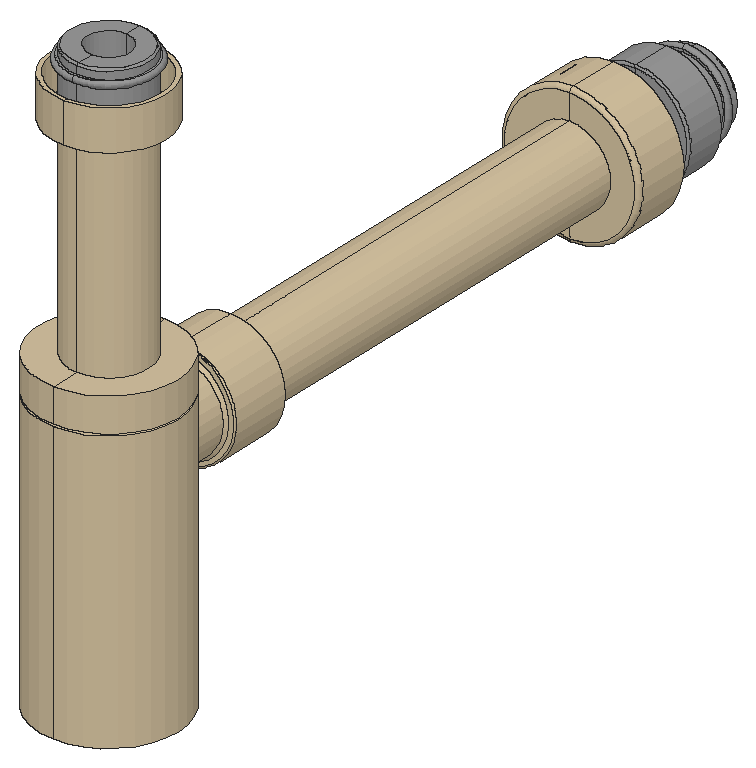
Revit family "Reece_Waste_Mizu_Drift_Bottle Trap", category Plumbing Fixtures, Revit 2018
Family settings
  Round Connector Dimension = Use Diameter
  Part Type = Normal
  Work Plane-Based = Yes
  Always vertical = Yes
  Cut with Voids When Loaded = Yes
  Shared = Yes
  Room Calculation Point = Yes
Parameters (values of type "40mm_Brushed Brass")
  URL = "https://www.reece.com.au/product/-9512368"
  Type Comments = "Waste"
  Reece_Waste_Outlet = 40 mm  # constant formula
  Reece_Range_Vertical [instance] = if(Reece_Offset_Vertical > 160 mm, 160 mm, if(Reece_Offset_Vertical < 80 mm, 80 mm, Reece_Offset_Vertical))  # 160 mm
  Reece_Range_Horizontal [instance] = if(Reece_Offset_Horizontal > 300 mm, 300 mm, if(Reece_Offset_Horizontal < 90 mm, 90 mm, Reece_Offset_Horizontal))  # 300 mm
  Reece_Product_Web Page = "https://www.reece.com.au/product/-9512368"
  Reece_Product_Type = "Waste"  # constant formula
  Reece_Product_Sub Brand = "Drift"  # constant formula
  Reece_Product_Number = "9512368"
  Reece_Product_Mount = "Wall Mounted"  # constant formula
  Reece_Product_Description = "Mizu Drift Bottle Trap 40mm Brushed Brass"
  Reece_Product_Brand = "Mizu"  # constant formula
  Reece_Overall_Width = 66 mm  # constant formula
  Reece_Overall_Length [instance] = 468.006 mm
  Reece_Overall_Height [instance] = 304 mm
  Reece_Offset_Vertical [instance] = 160 mm
  Reece_Offset_Horizontal [instance] = 300 mm
  Reece_Material_Secondary = Reece_Metal_Steel
  Reece_Material_Main = Reece_Brass_Brushed
  Reece_Detail_Shape = ""
  Reece_Detail_Installation = ""
  Reece_Detail_Disclaimer = "THIS FILE IS THE PROPERTY OF THE REECE GROUP. IT MAY NOT BE REPRODUCED, REVERSE-ENGINEERED, OR MODIFIED. ANY REPUBLICATION, TRANSMISSION, OR DISTRIBUTION FOR THE PURPOSE OF COMMERCIALLY EXPLOITING THE FILES IS PROHIBITED."  # constant formula
  Reece_Detail_Connector = ""
  Reece_Detail_Additional = "Bottle Trap"  # constant formula
  Model = "Drift"
  Manufacturer = "Mizu"
  Keynote = "Product #9512368, Reece_Waste_Mizu_Drift_Bottle Trap - 40mm_Brushed Brass"
  Disclaimer = "THIS FILE IS THE PROPERTY OF THE REECE GROUP. IT MAY NOT BE REPRODUCED, REVERSE-ENGINEERED, OR MODIFIED. ANY REPUBLICATION, TRANSMISSION, OR DISTRIBUTION FOR THE PURPOSE OF COMMERCIALLY EXPLOITING THE FILES IS PROHIBITED."  # constant formula
  Description = "Mizu Drift Bottle Trap 40mm Brushed Brass"
  Default Elevation = 0 mm
Types (10, lengths in mm): name | URL | Reece_Range_Vertical | Reece_Range_Horizontal | Reece_Product_Web Page | Reece_Product_Number | Reece_Product_Description | Reece_Offset_Vertical | Reece_Offset_Horizontal | Reece_Material_Main | Keynote | Description
  40mm_Brushed Nickel | "www.reece.com.au/product/-2263850" | 135 | 297 | "www.reece.com.au/product/-2263850" | "2263850" | "Mizu Drift Bottle Trap 40mm Brushed Nickel" | 135 | 297 | Reece_Brass_Brushed Nickel | "Product #2263850, Reece_Waste_Mizu_Drift_Bottle Trap - 40mm_Brushed Nickel" | "Mizu Drift Bottle Trap 40mm Brushed Nickel"
  40mm_Chrome | "www.reece.com.au/product/-2262546" | 160 | 300 | "www.reece.com.au/product/-2262546" | "2262546" | "Mizu Drift Bottle Trap 40mm Chrome" | 160 | 300 | Reece_Brass_Chrome | "Product #2262546, Reece_Waste_Mizu_Drift_Bottle Trap - 40mm_Chrome" | "Mizu Drift Bottle Trap 40mm Chrome"
  40mm_Gloss Black | "www.reece.com.au/product/-2280449" | 135 | 297 | "www.reece.com.au/product/-2280449" | "2280449" | "Mizu Drift Bottle Trap 40mm Gloss Black" | 135 | 297 | Reece_Brass_Gloss Black | "Product #2280449, Reece_Waste_Mizu_Drift_Bottle Trap - 40mm_Gloss Black" | "Mizu Drift Bottle Trap 40mm Gloss Black"
  40mm_Matte Black | "www.reece.com.au/product/-2280015" | 135 | 297 | "www.reece.com.au/product/-2280015" | "2280015" | "Mizu Drift Bottle Trap 40mm Matte Black" | 135 | 297 | Reece_Brass_Matte Black | "Product #2280015, Reece_Waste_Mizu_Drift_Bottle Trap - 40mm_Matte Black" | "Mizu Drift Bottle Trap 40mm Matte Black"
  40mm_Satin Chrome | "https://www.reece.com.au/product/-2262549" | 135 | 297 | "https://www.reece.com.au/product/-2262549" | "2262549" | "Mizu Drift Bottle Trap 40mm Satin Chrome" | 135 | 297 | Reece_Brass_Satin Chrome | "Product #2262549, Reece_Waste_Mizu_Drift_Bottle Trap - 40mm_Satin Chrome" | "Mizu Drift Bottle Trap 40mm Satin Chrome"
  40mm_White | "www.reece.com.au/product/-2262679" | 135 | 297 | "www.reece.com.au/product/-2262679" | "2262679" | "Mizu Drift Bottle Trap 40mm White" | 135 | 297 | Reece_Brass_White | "Product #2262679, Reece_Waste_Mizu_Drift_Bottle Trap - 40mm_White" | "Mizu Drift Bottle Trap 40mm White"
  40mm_Brushed Gold | "www.reece.com.au/product/-2263851" | 135 | 297 | "www.reece.com.au/product/-2263851" | "2263851" | "Mizu Drift Bottle Trap 40mm Brushed Gold" | 135 | 297 | Reece_Brass_Brushed Gold | "Product #2263851, Reece_Waste_Mizu_Drift_Bottle Trap - 40mm_Brushed Gold" | "Mizu Drift Bottle Trap 40mm Brushed Gold"
  40 mm_Gunmetal | "www.reece.com.au/product/-247004" | 135 | 297 | "www.reece.com.au/product/-247004" | "247004" | "Mizu Drift Bottle Trap 40mm Brushed Gunmetal" | 135 | 297 | Reece_Brass_Brushed Gunmetal | "Product #247004, Reece_Waste_Mizu_Drift_Bottle Trap - 40 mm_Gunmetal" | "Mizu Drift Bottle Trap 40mm Brushed Gunmetal"
  40mm_Brushed Brass | "https://www.reece.com.au/product/-9512368" | 160 | 300 | "https://www.reece.com.au/product/-9512368" | "9512368" | "Mizu Drift Bottle Trap 40mm Brushed Brass" | 160 | 300 | Reece_Brass_Brushed | "Product #9512368, Reece_Waste_Mizu_Drift_Bottle Trap - 40mm_Brushed Brass" | "Mizu Drift Bottle Trap 40mm Brushed Brass"
  40mm_Brushed Bronze | "www.reece.com.au/product/-201659" | 160 | 300 | "www.reece.com.au/product/-201659" | "201659" | "Mizu Drift Bottle Trap 40mm Brushed Bronze" | 160 | 300 | Reece_Brass_Brushed Bronze | "Product #201659, Reece_Waste_Mizu_Drift_Bottle Trap - 40mm_Brushed Bronze" | "Mizu Drift Bottle Trap 40mm Brushed Bronze"
Reference planes
  plane 1 "Center (Front/Back)": y = 0
  plane 2 "Top Host Plate": z = 0
  plane 3 "Center (Left/Right)": x = 0
  plane 4: x = -33
  plane 5: x = 33
  plane 6: y = -319
  plane 7: y = -281
  plane 8: y = 50
  plane 9: x = -33
  plane 10: x = 33
  plane 11: z = -269.202
  plane 12: z = -160
  plane 13: z = -119.202
  plane 14: z = -19
  plane 15: y = -227.843
  plane 16: y = -26
  plane 17: y = -300
Forms (mm)
  Revolve 1, solid, material "Reece_Metal_Steel" <- "Reece_Material_Secondary"
    sketch origin (0, -297, -240) x (0, 1, 0) y (0, 0, 1)
      loop
        line (7.151, 252.096) -> (7.151, 223) -> (16, 223) -> (16, 244.745) -> (17.19, 244.745)
        arc (17.19, 244.745) -> (18.654, 246.21) -> (17.19, 247.674) r 1.464
        line (17.19, 247.674) -> (16, 247.674) -> (16, 251.181) -> (15.085, 252.096) -> (7.151, 252.096)
      axis (-3, 252.096) -> (-3, 223)
    angle from 0 to 360
  Revolve 2, solid, material "Reece_Brass_Brushed" <- "Reece_Material_Main"
    sketch origin (0, -297, -240) x (0, 1, 0) y (0, 0, 1)
      loop
        line (24, 240) -> (22, 240) -> (22, 223) -> (-3, 223) -> (-3, 120.798) -> (16, 120.798) -> (16, 221) -> (24, 221) -> (24, 240)
      axis (-3, 240) -> (-3, 120.798)
    angle from 0 to 360
  Revolve 3, solid, material "Reece_Brass_Brushed" <- "Reece_Material_Main"
    sketch origin (0, -297, -257) x (0, 1, 0) y (0, 0, 1)
      loop
        line (7.151, 137.798) -> (7.151, -12.202) -> (30, -12.202) -> (30, 120.798) -> (16, 120.798) -> (16, 121.798) -> (30, 121.798) -> (30, 137.798) -> (7.151, 137.798)
      axis (-3, 137.798) -> (-3, -12.202)
    angle from 0 to 360
  Revolve 4, solid, material "Reece_Brass_Brushed" <- "Reece_Material_Main"
    sketch origin (0, -297, -257) x (0, 1, 0) y (0, 0, 1)
      loop
        line (19.777, 97) -> (273, 97) -> (273, 128) -> (297, 128) -> (297, 130) -> (273, 130)
        arc (273, 130) -> (271.586, 129.414) -> (271, 128) r 2
        line (271, 128) -> (271, 116) -> (69.157, 116) -> (69.157, 122.8) -> (40.553, 122.8)
        arc (40.553, 122.8) -> (40.166, 122.64) -> (40.006, 122.254) r 0.546
        line (40.006, 122.254) -> (40.006, 118.857) -> (39.35, 119.993) -> (37.857, 118.5) -> (19.777, 118.5) -> (19.777, 97)
      axis (19.777, 97) -> (297, 97)
    angle from 0 to 360
  Revolve 5, solid, material "Reece_Metal_Steel" <- "Reece_Material_Secondary"
    sketch origin (0, -297, -257) x (0, 1, 0) y (0, 0, 1)
      loop
        line (273, 116) -> (273, 97) -> (347, 97) -> (347, 115.085) -> (346.085, 116) -> (340.991, 116) -> (340.991, 117.19)
        arc (340.991, 117.19) -> (339.527, 118.654) -> (338.062, 117.19) r 1.464
        line (338.062, 117.19) -> (338.062, 116) -> (328.186, 116) -> (328.186, 123) -> (310.186, 123)
        arc (310.186, 123) -> (309.479, 122.707) -> (309.186, 122) r 1
        line (309.186, 122) -> (309.186, 116) -> (273, 116)
      axis (273, 97) -> (347, 97)
    angle from 0 to 360
  Revolve 6, void
    sketch origin (0, 0, 0) x (0, 1, 0) y (0, 0, 1)
      loop
        line (50, -130) -> (0, -130) -> (0, -160) -> (50, -160) -> (50, -130)
      axis (0, -160) -> (50, -160)
    angle from 0 to 360
Cuts and joins
  joined: Revolve 3, Revolve 4
Text (mm)
  text "Reece ©" at (2814.118, -2669.863, 2532.832), in view "Reece Preview"
  text "Reece ©" at (-778.605, -221.971, 0), in view "Ref. Level"
Dimensions and locks
  "Reece_Overall_Width": plane 4 to plane 5
  equal spacing: plane 4, plane 3 "Center (Left/Right)", plane 5
  locked: plane 2 "Top Host Plate" to level
  plane 6 to plane 7 to plane 1 "Center (Front/Back)" = 38 mm, 281 mm
  locked: plane 13 to plane 11 at 150
  locked: plane 13 to plane 12 at 40.798
  locked: Revolve 4 sketch curve to Revolve 4 sketch curve at 25.8
  locked: Revolve 4 sketch curve to Revolve 4 sketch curve at 33
  locked: plane 2 "Top Host Plate" to plane 14 at 19
  plane 15 to plane 1 "Center (Front/Back)" = 227.843 mm
  plane 7 to plane 17 to plane 6 = 19 mm locked, 19 mm locked
  Revolve 2 sketch curve to Revolve 2 sketch curve to plane 7 = 2 mm locked, 6 mm locked
  Revolve 1 sketch curve to plane 7 to Revolve 1 sketch curve to Revolve 1 sketch curve = 1.19 mm locked, 0.915 mm locked, 7.934 mm locked
  Revolve 3 sketch curve to plane 7 to Revolve 3 sketch curve = 14 mm locked, 8.849 mm locked
  locked: Revolve 3 sketch curve to plane 7 at 14
  locked: plane 15 to plane 7 at 53.157
  "Reece_Range_Horizontal": plane 1 "Center (Front/Back)" to plane 17
  "Reece_Range_Vertical": level to plane 12
  aligned and locked: plane 11 to Revolve 3
  aligned and locked: plane 13 to Revolve 3
  aligned and locked: Revolve 5 to plane 8
  aligned and locked: plane 2 "Top Host Plate" to Revolve 2
  aligned and locked: plane 13 to Revolve 2
  aligned and locked: plane 15 to cut or joined group of Revolve 3, Revolve 4
  aligned and locked: plane 16 to cut or joined group of Revolve 3, Revolve 4
  aligned and locked: Revolve 4 sketch curve to plane 1 "Center (Front/Back)"
  aligned and locked: plane 17 to Revolve 3 sketch curve
  aligned and locked: plane 17 to Revolve 2 sketch curve
  aligned and locked: plane 17 to Revolve 1 sketch curve
  aligned and locked: plane 7 to Revolve 2 sketch curve
  aligned and locked: Revolve 2 sketch curve to plane 17
  aligned and locked: plane 7 to Revolve 1 sketch curve  (x2)
  aligned and locked: plane 7 to Revolve 3 sketch curve
  aligned and locked: plane 12 to Revolve 6 sketch curve  (x2)
  aligned and locked: Revolve 6 sketch curve to plane 8
  aligned and locked: Revolve 6 sketch curve to plane 1 "Center (Front/Back)"
Automatic sketch dimensions
  Revolve 1 sketch curve to level = 17 mm
  level to Revolve 1 sketch curve = 4.745 mm
  Revolve 1 sketch curve to Revolve 1 sketch curve = 1.464 mm
  Revolve 1 sketch curve to Revolve 1 sketch curve = 3.507 mm
  level to Revolve 1 sketch curve = 12.096 mm
  Revolve 1 sketch curve to plane 11 = 26.656 mm
  Revolve 1 sketch curve to Revolve 1 sketch curve = 67.904 mm
  Revolve 2 sketch curve to level = 0 mm
  Revolve 2 sketch curve to Revolve 2 sketch curve = 17 mm
  Revolve 2 sketch curve to Revolve 2 sketch curve = 2 mm
  plane 13 to Revolve 2 sketch curve = 0 mm
  Revolve 2 sketch curve to plane 11 = 26.656 mm
  level to Revolve 2 sketch curve = 80 mm
  Revolve 3 sketch curve to plane 11 = 0 mm
  Revolve 3 sketch curve to plane 13 = 0 mm
  Revolve 3 sketch curve to Revolve 3 sketch curve = 1 mm
  Revolve 3 sketch curve to plane 11 = 43.656 mm
  level to Revolve 3 sketch curve = 63 mm
  plane 1 "Center (Front/Back)" to Revolve 4 sketch curve = 297 mm
  plane 12 to Revolve 4 sketch curve = 0 mm
  plane 8 to Revolve 4 sketch curve = 153.242 mm
  plane 1 "Center (Front/Back)" to Revolve 5 sketch curve = 297 mm
  Revolve 5 sketch curve to plane 8 = 0 mm
  plane 12 to Revolve 5 sketch curve = 0 mm
  Revolve 5 sketch curve to plane 12 = 0 mm
  Revolve 5 sketch curve to Revolve 5 sketch curve = 1 mm
  Revolve 5 sketch curve to Revolve 5 sketch curve = 18 mm
  Revolve 5 sketch curve to plane 8 = 8.938 mm
  Revolve 5 sketch curve to Revolve 5 sketch curve = 1.464 mm
  Revolve 5 sketch curve to plane 8 = 0.915 mm
  Revolve 5 sketch curve to Revolve 5 sketch curve = 1.19 mm  (x2)
  Revolve 5 sketch curve to Revolve 5 sketch curve = 153.242 mm
  Revolve 3 sketch curve to Revolve 3 sketch curve = 17 mm
  Revolve 5 sketch curve to Revolve 5 sketch curve = 18.085 mm
  Revolve 5 sketch curve to Revolve 5 sketch curve = 0.915 mm
  Revolve 5 sketch curve to Revolve 5 sketch curve = 19 mm
  Revolve 5 sketch curve to Revolve 5 sketch curve = 6 mm
  Revolve 4 sketch curve to plane 12 = 0 mm
  plane 7 to Revolve 4 sketch curve = 3.777 mm
  Revolve 4 sketch curve to Revolve 4 sketch curve = 18.081 mm
  Revolve 4 sketch curve to Revolve 4 sketch curve = 1.493 mm
  Revolve 4 sketch curve to Revolve 4 sketch curve = 0.656 mm
  Revolve 4 sketch curve to Revolve 4 sketch curve = 0.546 mm
  Revolve 4 sketch curve to Revolve 4 sketch curve = 28.604 mm
  plane 12 to Revolve 4 sketch curve = 19 mm
  Revolve 4 sketch curve to Revolve 4 sketch curve = 0.357 mm
  Revolve 4 sketch curve to Revolve 4 sketch curve = 1.136 mm
  Revolve 4 sketch curve to Revolve 4 sketch curve = 2.261 mm
  Revolve 4 sketch curve to Revolve 4 sketch curve = 0 mm  (x2)
  Revolve 4 sketch curve to plane 16 = 0 mm
  Revolve 4 sketch curve to Revolve 4 sketch curve = 2 mm
  Revolve 5 sketch curve to plane 16 = 2 mm
  Revolve 5 sketch curve to plane 1 "Center (Front/Back)" = 12.186 mm
  Revolve 6 sketch curve to plane 13 = 10.798 mm
  plane 8 to Revolve 6 sketch curve = 245.164 mm
  Revolve 6 sketch curve to Revolve 6 sketch curve = 80 mm
Connectors
  piping at (0, -300, 12.096), diameter 40, driven by "Reece_Waste_Outlet"
    settings: on Revolve 1, index 1, connector inside diameter 609.6 mm, connector length 0 mm, flow factor 0, pipe flow 0.0 L/s, pressure drop 0.0 Pa, fitting loss kfactor 0, connector angle 0.00°, fixture units 0, engagement length 0 mm, angle of deflection 0.00°, flow configuration 0, flow direction 1, fitting loss method 0, system type 29, joint type 0, gender type 0, connector reference index 2, connector utility 0, adjustable connector no, is connector primary yes, connector description ""
  piping at (0, 50, -160), diameter 40, driven by "Reece_Waste_Outlet"
    settings: on Revolve 5, index 2, connector inside diameter 609.6 mm, connector length 0 mm, flow factor 0, pipe flow 0.0 L/s, pressure drop 0.0 Pa, fitting loss kfactor 0, connector angle 0.00°, fixture units 0, engagement length 0 mm, angle of deflection 0.00°, flow configuration 0, flow direction 2, fitting loss method 0, system type 29, joint type 0, gender type 0, connector reference index 1, connector utility 0, adjustable connector no, is connector primary no, connector description ""
